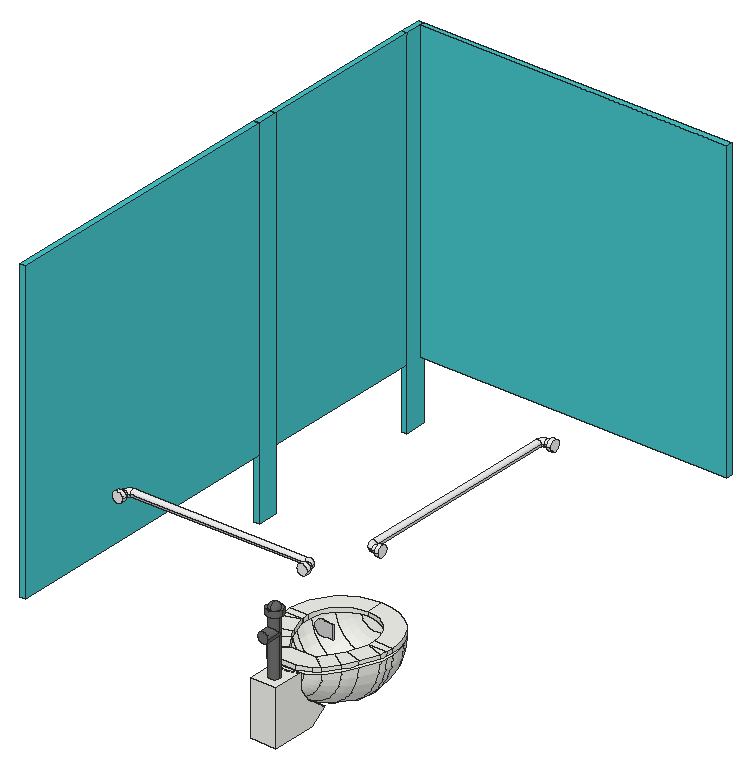
Revit family "MRAC Toilet Stall-Accessible-Side-3D w Toilet", category Specialty Equipment, host Wall, Revit 2021
Family settings
  Host = Wall
  Round Connector Dimension = Use Diameter
  Part Type = Normal
  Always vertical = Yes
  Cut with Voids When Loaded = No
  Shared = Yes
  Room Calculation Point = No
Parameters (values of type "60" x 96" Clear")
  Show End Panel [instance] = yes
  Default Elevation = 0' - 0"
  Assembly Code = "C1030100"
  Door Width = 2' - 8"
  Length = 8' - 0"
  Toilet Partition Material = Toilet Partition
  Width = 5' - 0"
Reference planes (in)
  plane 1: y = 0
  plane 2: x = 15.94107
  plane 3: y = 2.5
  plane 4 "Center (L/R)": x = 33.94107
  plane 5: x = -26.05893
  plane 6: y = 98.5
  plane 7 "Center (F/B)": y = 2.5
  plane 8: x = -27.05893
  plane 9: y = 99.5
  plane 10: z = 12
  plane 11: z = 70
  plane 12: y = 95.5
  plane 13: y = 63.5
  plane 14: y = 59.5
Forms (in)
  Extrusion 1, solid, material "Toilet Partition" <- "Toilet Partition Material"
    sketch origin (-60, 2.5625, 0) x (-1, 0, 0) y (0, 0, 1)
      loop
        line (-33.94107, 70) -> (-33.94107, 12) -> (-32.94107, 12) -> (-32.94107, 70) -> (-33.94107, 70)
    from 56.9375 to -0.0625
  Extrusion 2, solid, material "Toilet Partition" <- "Toilet Partition Material", visible <- "Show End Panel"
    sketch origin (0, 0, 0) x (1, 0, 0) y (0, 1, 0)
      loop
        line (33.94107, 99.5) -> (-26.05893, 99.5) -> (-26.05893, 98.5) -> (33.94107, 98.5) -> (33.94107, 99.5)
    from 12 to 70
  Extrusion 3, solid, material "Toilet Partition" <- "Toilet Partition Material"
    sketch origin (0, 0, 0) x (1, 0, 0) y (0, 1, 0)
      loop
        line (-27.05893, 99.5) -> (-27.05893, 95.5) -> (-26.05893, 95.5) -> (-26.05893, 99.5) -> (-27.05893, 99.5)
      loop
        line (-27.05893, 63.5) -> (-27.05893, 59.5) -> (-26.05893, 59.5) -> (-26.05893, 63.5) -> (-27.05893, 63.5)
    from 0 to 70
  Extrusion 4, solid, material "Toilet Partition" <- "Toilet Partition Material"
    sketch origin (0, 0, 0) x (1, 0, 0) y (0, 1, 0)
      loop
        line (-27.05893, 95.5) -> (-27.05893, 63.5) -> (-26.05893, 63.5) -> (-26.05893, 95.5) -> (-27.05893, 95.5)
    from 12 to 70
Lines and regions (in)
  model lines, style "InvisibleLines"
    curve 1: line (33.94107, 2.5, 0) -> (33.94107, 98.5, 0)
    curve 3: line (33.94107, 2.5, 0) -> (33.94107, 2.5, 70)
  model lines, style "Toilet Accessories"
    curve 2: line (-27.05893, 2.5, 70) -> (-26.05893, 2.5, 70)
  model lines, style "Toilet Accessories-Dashed"
    curve 4: line (-26.05893, 2.5, 70) -> (33.94107, 2.5, 70)
    curve 5: line (-26.05893, 2.5, 12) -> (33.94107, 2.5, 12)
  symbolic lines, style "Toilet Accessories-Dashed"
    curve 6: line (0, 63.5, 70) -> (0, 95.5, 41)
    curve 7: line (0, 95.5, 41) -> (0, 63.5, 12)
  symbolic lines, style "Toilet Accessories"
    curve 8: line (-27.05893, 2.5, 0) -> (-27.05893, 63.5, 0)
    curve 9: line (-27.05893, 63.5, 0) -> (-26.05893, 63.5, 0)
    curve 10: line (-26.05893, 63.5, 0) -> (-26.05893, 2.5, 0)
    curve 11: line (-26.05893, 2.5, 0) -> (-27.05893, 2.5, 0)
    curve 13: line (-27.05893, 99.5, 0) -> (-27.05893, 95.5, 0)
    curve 14: line (-27.05893, 95.5, 0) -> (-26.05893, 95.5, 0)
    curve 15: line (-26.05893, 95.5, 0) -> (-26.05893, 98.5, 0)
    curve 17: line (-26.05893, 95.5, 0) -> (5.94107, 95.5, 0)
    curve 18: line (5.94107, 95.5, 0) -> (5.94107, 94.5, 0)
    curve 19: line (5.94107, 94.5, 0) -> (-26.05893, 94.5, 0)
    curve 20: line (-26.05893, 94.5, 0) -> (-26.05893, 95.5, 0)
    curve 21: arc (-26.05893, 63.5, 0) -> (-3.43151, 72.87258, 0) -> (5.94107, 95.5, 0) r 32
    curve 22: line (33.94107, 99.5, 0) -> (33.94107, 98.5, 0)
  symbolic lines, style "Toilet Accessories", visible <- "Show End Panel"
    curve 12: line (33.94107, 99.5, 0) -> (-27.05893, 99.5, 0)
    curve 16: line (-26.05893, 98.5, 0) -> (33.94107, 98.5, 0)
Text (in)
  text "Placement Side" at (0, 40.15149, 123.01588), in view "Right"
  text "Placement Side, matches cursor" at (14.52892, 119.17625, 0), in view "Floor Line"
  text "Placement Side" at (0, 65.23256, 117.93067), in view "Left"
Dimensions and locks (in)
  "Width": plane 5 to plane 4 "Center (L/R)"
  locked: plane 7 "Center (F/B)" to host wall
  "Length": plane 7 "Center (F/B)" to plane 6
  locked: plane 6 to plane 9 at 1
  locked: plane 8 to plane 5 at 1
  locked: plane 10 to plane 11 at 58
  locked: host wall to plane 10 at 12
  locked: plane 2 to plane 4 "Center (L/R)" at 18
  locked: plane 9 to plane 12 at 4
  "Door Width": plane 12 to plane 13
  locked: plane 13 to plane 14 at 4
  equal spacing: plane 10, curve 7, plane 11
  aligned and locked: plane 3 to host wall
  aligned and locked: Extrusion 1 to plane 14
  aligned and locked: curve 1 to Extrusion 2 sketch curve
  aligned and locked: Extrusion 3 sketch curve to Extrusion 1  (x2)
  aligned and locked: Extrusion 4 sketch curve to Extrusion 3  (x4)
  aligned and locked: Extrusion 4 to plane 10
  aligned and locked: plane 10 to Extrusion 2
  aligned and locked: curve 6 to plane 11
  aligned and locked: curve 7 to plane 10
  aligned and locked: Extrusion 1 to host wall
  aligned and locked: plane 4 "Center (L/R)" to nested 2
  aligned and locked: nested 2 to plane 7 "Center (F/B)"
  aligned and locked: plane 4 "Center (L/R)" to nested 3
  aligned and locked: nested 3 to plane 7 "Center (F/B)"
Automatic sketch dimensions
  Extrusion 1 sketch curve to plane 5 = 0' - 0"
  Extrusion 1 sketch curve to plane 8 = 0' - 0"
  Extrusion 1 sketch curve to plane 10 = 0' - 0"
  Extrusion 1 sketch curve to plane 11 = 0' - 0"
  curve 4 to plane 4 "Center (L/R)" = 0' - 0"
  curve 3 to level = 0' - 0"
  curve 5 to plane 5 = 0' - 0"
  curve 6 to plane 12 = 0' - 0"
  curve 7 to plane 13 = 0' - 0"
  curve 6 to plane 13 = 0' - 0"
  curve 2 to plane 5 = 0' - 0"
  curve 2 to plane 11 = 0' - 0"
  curve 5 to plane 10 = 0' - 0"
  curve 2 to plane 8 = 0' - 0"
  Extrusion 2 sketch curve to plane 5 = 0' - 0"
  Extrusion 3 sketch curve to plane 8 = 0' - 0"  (x2)
  Extrusion 3 sketch curve to plane 5 = 0' - 0"
  Extrusion 3 sketch curve to plane 13 = 0' - 0"
  Extrusion 2 sketch curve to plane 6 = 0' - 0"
  Extrusion 2 sketch curve to plane 9 = 0' - 0"
  Extrusion 3 sketch curve to plane 9 = 0' - 0"
  Extrusion 3 sketch curve to plane 12 = 0' - 0"
  curve 12 to plane 8 = 0' - 0"
  curve 8 to host wall = 0' - 0"
  curve 8 to plane 8 = 0' - 0"
  curve 11 to plane 5 = 0' - 0"
  curve 15 to plane 5 = 0' - 0"
  curve 18 to plane 12 = 0' - 0"
  curve 1 to host wall = 0' - 0"
  curve 1 to plane 4 "Center (L/R)" = 0' - 0"
  curve 10 to plane 13 = 0' - 0"
  curve 22 to plane 6 = 0' - 0"
  curve 22 to plane 9 = 0' - 0"
  curve 18 to curve 17 = 0' - 1"
Nested families (in)
  nested 1: "Toilet-Commercial-Wall-3D" at (4.35918, 0, 0), type "15" Seat Height"
  nested 2: "Dispencer-Toilet Paper-2D" at (33.94107, 2.5, 0), type "Dispencer-Toilet Paper-2D"
  nested 3: "Grab Bar-3D" at (33.94107, 2.5, 0), type "Grab Bar-3D"
Definition of nested family "Toilet-Commercial-Wall-3D"
  Parameters
    Default Elevation = 0' - 0"
    Assembly Code = "D2010110"
    Mounting Height = 1' - 3"
    Piping Material = none
    Toilet - Bowl Material = none
    Toilet - Seat Material = none
  Reference planes (in)
    plane 1: y = 0
    plane 2: x = 15.94107
    plane 3: y = 3
    plane 4: y = 32
    plane 5: z = 13.5
    plane 6: y = 22
    plane 7: y = 12
    plane 8: z = 15
    plane 9: z = 25.5
    plane 10: y = 5.77698
  Forms (in)
    Extrusion 1, solid, material <- "Toilet - Bowl Material"
      sketch origin (15.94107, 0, 0) x (0, -1, 0) y (0, 0, 1)
        loop
          line (-3, 13.5) -> (-9.0159, 13.5) -> (-9.0159, 10.60222) -> (-10.73663, 8.14477) -> (-14.83239, 5.27688) -> (-11.6632, 3) -> (-3, 3) -> (-3, 13.5)
      from -2.5 to 2.5
    Extrusion 2, solid, material <- "Piping Material"
      sketch origin (13.44107, 3, 13.5) x (1, 0, 0) y (0, 1, 0)
        loop
          circle (2.5, 2.77698) r 1
      from 0 to 11
    Extrusion 3, solid, material <- "Piping Material"
      sketch origin (0, 3, 0) x (1, 0, 0) y (0, 0, 1)
        loop
          circle (15.94107, 21.42564) r 1
      from 0 to -2.78125
    Extrusion 4, solid, material <- "Piping Material"
      sketch origin (13.44107, 3, 24.5) x (1, 0, 0) y (0, 1, 0)
        loop
          circle (2.5, 2.77698) r 1.5
      from 0 to 1
    Revolve 5, solid, material <- "Piping Material"
      sketch origin (15.94107, 0, 0) x (0, -1, 0) y (0, 0, 1)
        loop
          line (-6.78555, 25.5) -> (-5.77698, 25.5) -> (-5.77698, 26.50857)
          arc (-5.77698, 26.50857) -> (-6.49014, 26.21316) -> (-6.78555, 25.5) r 1.00857
        axis (-5.77698, 25.5) -> (-5.77698, 26.50857)
      angle from 0 to 360
    Revolve 6, solid, material <- "Toilet - Bowl Material"
      sketch origin (0, 0, 13.5) x (1, 0, 0) y (0, 1, 0)
        loop
          line (15.94107, 32) -> (15.94107, 31)
          arc (15.94107, 31) -> (17.5039, 30.86327) -> (19.01925, 30.45723) r 9
          arc (19.01925, 30.45723) -> (20.77677, 29.59052) -> (22.30503, 28.36396) r 9
          arc (22.30503, 28.36396) -> (23.53159, 26.8357) -> (24.3983, 25.07818) r 9
          arc (24.3983, 25.07818) -> (24.80434, 23.56283) -> (24.94107, 22) r 9
          line (24.94107, 22) -> (24.94107, 20.70531)
          arc (24.94107, 20.70531) -> (24.89549, 20.18436) -> (24.76015, 19.67925) r 3
          line (24.76015, 19.67925) -> (23.48959, 16.18842)
          arc (23.48959, 16.18842) -> (22.91009, 14.87141) -> (22.16364, 13.6413) r 11
          line (22.16364, 13.6413) -> (20.67216, 11.51124)
          arc (20.67216, 11.51124) -> (19.68986, 10.52894) -> (18.43083, 9.94185) r 4
          line (18.43083, 9.94185) -> (15.94107, 9.27472) -> (15.94107, 8.23944) -> (19.04122, 9.07012)
          arc (19.04122, 9.07012) -> (20.30025, 9.65722) -> (21.28255, 10.63952) r 4
          line (21.28255, 10.63952) -> (23.05831, 13.17557)
          arc (23.05831, 13.17557) -> (23.80475, 14.40567) -> (24.38425, 15.72269) r 11
          line (24.38425, 15.72269) -> (25.69984, 19.33723)
          arc (25.69984, 19.33723) -> (25.8803, 20.01072) -> (25.94107, 20.70531) r 4
          line (25.94107, 20.70531) -> (25.94107, 22)
          arc (25.94107, 22) -> (25.78915, 23.73648) -> (25.338, 25.4202) r 10
          arc (25.338, 25.4202) -> (24.37498, 27.373) -> (23.01214, 29.07107) r 10
          arc (23.01214, 29.07107) -> (21.31407, 30.43391) -> (19.36127, 31.39693) r 10
          arc (19.36127, 31.39693) -> (17.67755, 31.84808) -> (15.94107, 32) r 10
        axis (15.94107, 8.23944) -> (15.94107, 32)
      angle from 0 to 180
    Sweep 7, solid, material <- "Toilet - Seat Material"
      path origin (0, 0, 13.5) x (1, 0, 0) y (0, 1, 0)
        loop
          line (21.28255, 10.63952) -> (23.05831, 13.17557)
          arc (23.05831, 13.17557) -> (23.80475, 14.40567) -> (24.38425, 15.72269) r 11
          line (24.38425, 15.72269) -> (25.69984, 19.33723)
          arc (25.69984, 19.33723) -> (25.8803, 20.01072) -> (25.94107, 20.70531) r 4
          line (25.94107, 20.70531) -> (25.94107, 22)
          arc (25.94107, 22) -> (23.01214, 29.07107) -> (15.94107, 32) r 10
          arc (15.94107, 32) -> (8.87, 29.07107) -> (5.94107, 22) r 10
          line (5.94107, 22) -> (5.94107, 20.70531)
          arc (5.94107, 20.70531) -> (6.00184, 20.01072) -> (6.1823, 19.33723) r 4
          line (6.1823, 19.33723) -> (7.49788, 15.72269)
          arc (7.49788, 15.72269) -> (8.07738, 14.40567) -> (8.82383, 13.17557) r 11
          line (8.82383, 13.17557) -> (10.59959, 10.63952)
      profile origin (0, 21.35265, 13.5) x (-1, 0, 0) y (0, 0, 1)
        loop
          line (-25.94107, 0.5) -> (-22.44107, 0.5) -> (-22.44107, 1.25) -> (-25.94107, 1.25) -> (-25.94107, 0.5)
    Extrusion 8, solid, material <- "Toilet - Seat Material"
      sketch origin (15.94107, 22, 14.75) x (1, 0, 0) y (0, 1, 0)
        loop
          line (-2.47445, -9.35296) -> (-5.34148, -11.36048) -> (-4.35918, -12.34278) -> (-1.7583, -13.28943) -> (1.7583, -13.28943) -> (4.35918, -12.34278) -> (5.34148, -11.36048) -> (2.47445, -9.35296) -> (-2.47445, -9.35296)
      from 0 to -0.75
  Text (in)
    text "Placement Side" at (0, 40.15149, 123.01588), in view "Right"
    text "Placement Side, matches cursor" at (-30.92805, 50.76595, 0), in view "Floor Line"
    text "Placement Side" at (0, 47.49176, 61.18918), in view "Left"
  Dimensions and locks (in)
    locked: plane 3 to plane 6 at 19
    locked: plane 3 to plane 7 at 9
    "Mounting Height": plane 8 to level
    locked: plane 8 to plane 5 at 1.5
    locked: plane 8 to plane 9 at 10.5
    locked: plane 3 to plane 10 at 2.77698
    aligned and locked: plane 3 to host wall
  Automatic sketch dimensions
    Extrusion 1 sketch curve to plane 5 = 0' - 0"
    Extrusion 1 sketch curve to plane 3 = 0' - 0"
    plane 7 to Extrusion 1 sketch curve = 0' - 2.9841"
    plane 7 to Extrusion 1 sketch curve = 0' - 1.26337"
    plane 7 to Extrusion 1 sketch curve = 0' - 0.3368"
    Extrusion 1 sketch curve to plane 7 = 0' - 2.83239"
    plane 5 to Extrusion 1 sketch curve = 0' - 2.89778"
    Extrusion 1 sketch curve to Extrusion 1 sketch curve = 0' - 2.45746"
    Extrusion 1 sketch curve to Extrusion 1 sketch curve = 0' - 2.86788"
    level to Extrusion 1 sketch curve = 0' - 3"
    Extrusion 2 sketch curve to plane 2 = 0' - 0"
    Extrusion 2 sketch curve to Extrusion 2 sketch curve = 0' - 1"
    Extrusion 2 sketch curve to plane 3 = 0' - 2.77698"
    Extrusion 3 sketch curve to plane 2 = 0' - 0"
    plane 2 to Extrusion 3 sketch curve = 0' - 1"
    Extrusion 3 sketch curve to plane 5 = 0' - 7.92564"
    Extrusion 4 sketch curve to plane 2 = 0' - 0"
    Extrusion 4 sketch curve to Extrusion 4 sketch curve = 0' - 1 1/2"
    Extrusion 4 sketch curve to plane 3 = 0' - 2.77698"
    Revolve 5 sketch curve to plane 9 = 0' - 0"
    Revolve 5 sketch curve to plane 10 = 0' - 0"  (x2)
    Revolve 5 sketch curve to Revolve 5 sketch curve = 0' - 1.00857"
    Revolve 5 sketch curve to Revolve 5 sketch curve = 0' - 1.53583"
    Revolve 5 sketch curve to Revolve 5 sketch curve = 0' - 1"
    Revolve 6 sketch curve to plane 2 = 0' - 0"  (x9)
    Revolve 6 sketch curve to plane 6 = 0' - 0"  (x8)
    plane 2 to Revolve 6 sketch curve = 0' - 1.89343"
    Revolve 6 sketch curve to plane 2 = 0' - 1.45448"
    Revolve 6 sketch curve to Revolve 6 sketch curve = 0' - 0.61039"  (x3)
    Revolve 6 sketch curve to plane 2 = 0' - 2.48976"
    Revolve 6 sketch curve to Revolve 6 sketch curve = 0' - 0.34202"  (x2)
    plane 7 to Revolve 6 sketch curve = 0' - 0.48876"
    Revolve 6 sketch curve to Revolve 6 sketch curve = 0' - 2.24133"
    plane 7 to Revolve 6 sketch curve = 0' - 1.36048"
    plane 6 to Revolve 6 sketch curve = 0' - 1.29469"
    Revolve 6 sketch curve to Revolve 6 sketch curve = 0' - 4"
    Revolve 6 sketch curve to Revolve 6 sketch curve = 0' - 0"
    Revolve 6 sketch curve to Revolve 6 sketch curve = 0' - 1.49148"
    Revolve 6 sketch curve to Revolve 6 sketch curve = 0' - 0.70711"
    Revolve 6 sketch curve to plane 7 = 0' - 1.17557"
    Revolve 6 sketch curve to Revolve 6 sketch curve = 0' - 0.89466"  (x3)
    Revolve 6 sketch curve to plane 7 = 0' - 4.18842"
    Revolve 6 sketch curve to Revolve 6 sketch curve = 0' - 1.32595"
    Revolve 6 sketch curve to Revolve 6 sketch curve = 0' - 0.93969"  (x2)
    Revolve 6 sketch curve to Revolve 6 sketch curve = 0' - 0.18092"
    Revolve 6 sketch curve to Revolve 6 sketch curve = 0' - 1.5694"
    Revolve 6 sketch curve to Revolve 6 sketch curve = 0' - 0.66713"
    Revolve 6 sketch curve to Revolve 6 sketch curve = 0' - 0.87172"
    Revolve 6 sketch curve to Revolve 6 sketch curve = 0' - 1.03528"
    Revolve 6 sketch curve to Revolve 6 sketch curve = 0' - 3.07818"
    Revolve 6 sketch curve to Revolve 6 sketch curve = 0' - 2.09327"
    Revolve 6 sketch curve to Revolve 6 sketch curve = 0' - 4.14214"
    Revolve 6 sketch curve to Revolve 6 sketch curve = 0' - 4.02829"
    Revolve 6 sketch curve to Revolve 6 sketch curve = 0' - 1.54852"
    plane 6 to Revolve 6 sketch curve = 0' - 6.27731"
    Revolve 6 sketch curve to Revolve 6 sketch curve = 0' - 3.28578"
    Revolve 6 sketch curve to Revolve 6 sketch curve = 0' - 1.18092"
    Revolve 6 sketch curve to Revolve 6 sketch curve = 0' - 0.46573"
    Sweep 7 sketch curve to plane 6 = 0' - 0"  (x2)
    Sweep 7 sketch curve to plane 2 = 0' - 0"
    plane 2 to Sweep 7 sketch curve = 0' - 1.89343"
    plane 6 to Sweep 7 sketch curve = 0' - 1.29469"  (x2)
    Sweep 7 sketch curve to Sweep 7 sketch curve = 0' - 4.10657"
    Sweep 7 sketch curve to plane 7 = 0' - 1.17557"  (x2)
    Sweep 7 sketch curve to Sweep 7 sketch curve = 0' - 1.77576"  (x2)
    Sweep 7 sketch curve to Sweep 7 sketch curve = 0' - 1.32595"  (x2)
    plane 6 to Sweep 7 sketch curve = 0' - 2.66277"
    Sweep 7 sketch curve to Sweep 7 sketch curve = 0' - 1.31559"
    Sweep 7 sketch curve to plane 2 = 0' - 1.89343"
    Sweep 7 sketch curve to Sweep 7 sketch curve = 0' - 4"
    Sweep 7 sketch curve to Sweep 7 sketch curve = 0' - 0.24123"
    Sweep 7 sketch curve to Sweep 7 sketch curve = 0' - 2.54712"  (x2)
    plane 2 to Sweep 7 sketch curve = 0' - 7.11724"
    plane 7 to Sweep 7 sketch curve = 0' - 1.36048"  (x2)
    Sweep 7 sketch curve to plane 2 = 0' - 5.34148"
    Sweep 7 sketch curve to profile plane = 0' - 0"
    Sweep 7 sketch curve to plane 5 = 0' - 1 1/4"
    Sweep 7 sketch curve to profile plane = 0' - 3 1/2"
    Sweep 7 sketch curve to plane 5 = 0' - 0 1/2"
    plane 7 to Extrusion 8 sketch curve = 0' - 1.36048"  (x2)
    plane 2 to Extrusion 8 sketch curve = 0' - 5.34148"
    Extrusion 8 sketch curve to Extrusion 8 sketch curve = 0' - 0.9823"  (x4)
    Extrusion 8 sketch curve to plane 7 = 0' - 0.64704"
    plane 2 to Extrusion 8 sketch curve = 0' - 2.47445"
    plane 2 to Extrusion 8 sketch curve = 0' - 1.7583"
    Extrusion 8 sketch curve to plane 2 = 0' - 1.7583"
    Extrusion 8 sketch curve to plane 2 = 0' - 2.47445"
    Extrusion 8 sketch curve to Extrusion 8 sketch curve = 0' - 2.60088"
    Extrusion 8 sketch curve to Extrusion 8 sketch curve = 0' - 0.94664"
Definition of nested family "Dispencer-Toilet Paper-2D"
  Parameters
    Finish = none
    Default Elevation = 0' - 0"
    Assembly Code = "C1030200"
  Reference planes (in)
    plane 1 "Center (Front/Back)": y = 0
    plane 2 "Center (Left/Right)": x = 0
    plane 3: y = 30
    plane 4: y = 36
    plane 5: x = -5
    plane 6: y = 0.125
    plane 7: z = 28.5
    plane 8: x = -4
    plane 9: x = -1
  Forms (in)
    Extrusion 1, solid, material <- "Finish"
      sketch origin (-93.94107, 2.5625, 5.5) x (-1, 0, 0) y (0, 0, 1)
        loop
          line (-92.63123, 23) -> (-93.94107, 23) -> (-93.94107, 20.38671) -> (-92.63123, 20.38671)
          arc (-92.63123, 20.38671) -> (-90.39334, 21.69335) -> (-92.63123, 23) r 1.50041
      from -2.5625 to -2.4375
  Lines and regions (in)
    model lines
      curve 1: line (0, 36, 0) -> (-4, 36, 0)
      curve 2: line (-4, 30, 0) -> (0, 30, 0)
      curve 3: line (-1.30983, 0.125, 28.5) -> (-2.78481, 0.125, 28.5)
      curve 4: line (-2.78481, 0.125, 28.5) -> (-2.78481, 0.125, 25.88671)
      curve 5: line (-2.78481, 0.125, 25.88671) -> (-1.30983, 0.125, 25.88671)
      curve 6: line (0, 35.5, 0) -> (-5, 35.5, 0)
      curve 7: line (0, 30.5, 0) -> (-5, 30.5, 0)
      curve 8: line (-1, 30.5, 0) -> (-1, 35.5, 0)
      curve 9: line (-5, 35.5, 0) -> (-5, 30.5, 0)
      curve 10: line (-4, 36, 0) -> (-4, 35.5, 0)
      curve 11: line (-4, 30.5, 0) -> (-4, 30, 0)
      curve 12: line (0, 0, 0) -> (0, 36, 0)
      curve 13: line (0, 0, 0) -> (-24, 0, 0)
      curve 14: line (0, 0, 0) -> (0, 0, 28.5)
  Dimensions and locks (in)
    locked: plane 5 to plane 2 "Center (Left/Right)" at 5
    locked: plane 3 to plane 4 at 6
    locked: plane 3 to plane 1 "Center (Front/Back)" at 30
    locked: plane 6 to plane 1 "Center (Front/Back)" at 0.125
    locked: level to plane 7 at 28.5
    locked: Extrusion 1 sketch curve to Extrusion 1 sketch curve at 2.61329
    aligned and locked: curve 2 to plane 3
    aligned and locked: curve 1 to plane 4
    aligned and locked: plane 1 "Center (Front/Back)" to Extrusion 1
    aligned and locked: plane 6 to Extrusion 1
    aligned and locked: plane 7 to Extrusion 1 sketch curve
    aligned and locked: plane 2 "Center (Left/Right)" to Extrusion 1 sketch curve
    aligned and locked: plane 9 to curve 8
    aligned and locked: plane 5 to curve 9
    aligned and locked: curve 10 to plane 8
    aligned and locked: curve 11 to plane 8
    aligned and locked: curve 12 to Extrusion 1
    aligned and locked: curve 13 to Extrusion 1
    aligned: curve 14 to curve 13
    aligned and locked: plane 2 "Center (Left/Right)" to curve 14
Definition of nested family "Grab Bar-3D"
  Parameters
    Default Elevation = 0' - 0"
    Back Bar Length = 3' - 0"
    Mounting Height = 3' - 0"
    Side Bar Length = 3' - 6"
    Assembly Code = "C1030200"
  Reference planes (in)
    plane 1 "Center F/B": y = 0
    plane 2: z = 0
    plane 3 "Center L/R": x = 0
    plane 4: x = -6
    plane 5: x = -42
    plane 6: y = 12
    plane 7: y = 54
    plane 8 "Center Line": z = 36
    plane 9: y = 0.75
    plane 10: x = -0.75
  Forms (in)
    Sweep 1, solid
      path origin (0, 0, 0) x (1, 0, 0) y (0, 1, 0)
        loop
          line (-42, 0.75) -> (-42, 1.5)
          arc (-42, 1.5) -> (-41.70711, 2.20711) -> (-41, 2.5) r 1
          line (-41, 2.5) -> (-7, 2.5)
          arc (-7, 2.5) -> (-6.29289, 2.20711) -> (-6, 1.5) r 1
          line (-6, 1.5) -> (-6, 0.75)
      profile origin (-24, 0, 0) x (0, 1, 0) y (0, 0, 1)
        loop
          circle (2.5, 36) r 0.625
    Sweep 2, solid
      path origin (0, 0, 0) x (1, 0, 0) y (0, 1, 0)
        loop
          line (-0.75, 12) -> (-1.5, 12)
          arc (-1.5, 12) -> (-2.20711, 12.29289) -> (-2.5, 13) r 1
          line (-2.5, 13) -> (-2.5, 53)
          arc (-2.5, 53) -> (-2.20711, 53.70711) -> (-1.5, 54) r 1
          line (-1.5, 54) -> (-0.75, 54)
      profile origin (0, 33, 0) x (-1, 0, 0) y (0, 0, 1)
        loop
          circle (2.5, 36) r 0.625
    Extrusion 3, solid
      sketch origin (0, 0, 0) x (1, 0, 0) y (0, 0, 1)
        loop
          circle (-6, 36) r 1
        loop
          circle (-42, 36) r 1
      from -0.75 to 0
    Extrusion 4, solid
      sketch origin (0, 0, 0) x (0, 1, 0) y (0, 0, 1)
        loop
          circle (12, 36) r 1
        loop
          circle (54, 36) r 1
      from -0.75 to 0
  Lines and regions (in)
    model lines
      curve 1: line (0, 57, 0) -> (0, 0, 0)
      curve 2: line (0, 0, 0) -> (-45, 0, 0)
  Dimensions and locks (in)
    locked: plane 1 "Center F/B" to plane 6 at 12
    "Side Bar Length": plane 7 to plane 6
    locked: plane 4 to plane 3 "Center L/R" at 6
    "Back Bar Length": plane 5 to plane 4
    "Mounting Height": plane 8 "Center Line" to plane 2
    locked: plane 8 "Center Line" to Sweep 1 sketch curve
    locked: plane 8 "Center Line" to Sweep 2 sketch curve
    locked: plane 1 "Center F/B" to plane 9 at 0.75
    locked: plane 10 to plane 3 "Center L/R" at 0.75
    aligned and locked: Extrusion 3 to plane 9
    aligned and locked: plane 1 "Center F/B" to Extrusion 3
    aligned and locked: Extrusion 4 to plane 10
    aligned and locked: plane 3 "Center L/R" to Extrusion 4
    aligned and locked: plane 9 to Sweep 1 sketch curve  (x2)
    aligned and locked: plane 10 to Sweep 2 sketch curve  (x2)
  Automatic sketch dimensions
    Sweep 1 sketch curve to profile plane = 0' - 0"
    Sweep 1 sketch curve to Sweep 1 sketch curve = 0' - 0 5/8"
    Sweep 2 sketch curve to profile plane = 0' - 0"
    Sweep 2 sketch curve to Sweep 2 sketch curve = 0' - 0 5/8"
    Extrusion 3 sketch curve to plane 8 "Center Line" = 0' - 0"  (x2)
    Extrusion 3 sketch curve to plane 5 = 0' - 0"
    Extrusion 3 sketch curve to plane 4 = 0' - 0"
    Extrusion 3 sketch curve to Extrusion 3 sketch curve = 0' - 1"  (x2)
    Extrusion 4 sketch curve to plane 8 "Center Line" = 0' - 0"  (x2)
    Extrusion 4 sketch curve to plane 6 = 0' - 0"
    Extrusion 4 sketch curve to plane 7 = 0' - 0"
    Extrusion 4 sketch curve to plane 6 = 0' - 1"
    Extrusion 4 sketch curve to plane 7 = 0' - 1"
    Sweep 1 sketch curve to plane 5 = 0' - 0"
    Sweep 1 sketch curve to plane 4 = 0' - 0"
    Sweep 1 sketch curve to plane 9 = 0' - 0 3/4"  (x2)
    plane 5 to Sweep 1 sketch curve = 0' - 1"
    Sweep 2 sketch curve to plane 6 = 0' - 0"
    Sweep 2 sketch curve to plane 7 = 0' - 0"
    Sweep 2 sketch curve to Sweep 2 sketch curve = 0' - 0 3/4"
    Sweep 2 sketch curve to plane 10 = 0' - 0 3/4"
    plane 6 to Sweep 2 sketch curve = 0' - 1"
    curve 2 to plane 1 "Center F/B" = 0' - 0"
    curve 2 to plane 3 "Center L/R" = 0' - 0"
    curve 2 to plane 5 = 0' - 3"
    plane 7 to curve 1 = 0' - 3"
